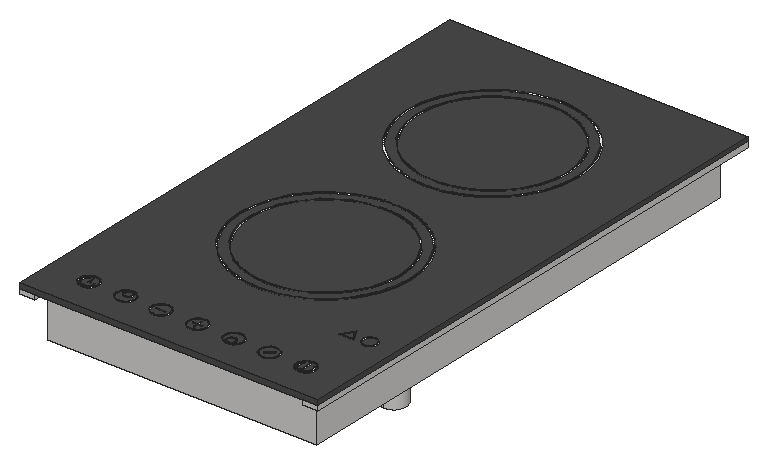
Revit family "QF_Summit_CR2B23T3B_Electric Cooktop", category Specialty Equipment, Revit 2020
Family settings
  Round Connector Dimension = Use Diameter
  Part Type = Normal
  Work Plane-Based = No
  Always vertical = Yes
  Cut with Voids When Loaded = No
  Shared = No
  Room Calculation Point = No
Parameters
  Weight in Pounds = 10
  Watts = Volts * FL Amps  # 3450 W
  Volts = 230 V
  URL Cutsheet = ""
  Specification by User = ""
  Specification by Manufacturer = ""
  Serial Number = ""
  Seismic Rating = ""
  SMACNA No = ""
  Revision Code = ""
  Phase = 1
  Number of Poles = 1
  NAFEM Spec ID Number = ""
  Model = "CR2B23T3B"
  Min Ckt Ampacity = 0 A
  Max Overcurrent Protection = 0 A
  Masterspec = ""
  Manufacturer = "Summit"
  Length = 11 3/8"
  Item Number = ""
  Installed By = ""
  Identify Quantity as Lot = yes
  Height = 2"
  HP = ""
  Furnished By = ""
  Foodservice Equipment Identifier = yes
  FL Amps = 15 A
  Electrical Remarks = ""
  Electric Connection Type = ""
  Elec Conn RI Height = 0"
  Elec Conn Connection Height = 0"
  Description = "Electric Cooktop"
  Depth = 20 1/2"
  Default Elevation = 0"
  Cycle = 60 Hz
  Conn Plug = ""
  Conn Conduit = yes
  CSI MasterFormat = ""
  Apparent Power = if(Phase = 3, Volts * FL Amps * 1.73, Volts * FL Amps)  # 3450 VA
Reference planes (in)
  plane 1 "BACK": y = 0
  plane 2: z = 0
  plane 3 "LEFT": x = 0
  plane 4 "RIGHT": x = 11.375
  plane 5 "FRONT": y = -20.5
  plane 6 "TOP": z = 2
  plane 7 "Center Y": x = 5.6875
  plane 8 "Center X": y = -10.25
  plane 9: z = 1.8125
  plane 10: x = 0.5625
  plane 11: x = 10.8125
  plane 12: y = -19.875
  plane 13: y = -0.625
  plane 14: z = 1.625
Forms (in)
  Extrusion 1, solid, material "QF_Plastic_Black_Smooth"
    sketch origin (-38.39759, -180, 2) x (-1, 0, 0) y (0, -1, 0)
      loop
        line (-38.39759, -180) -> (-38.39759, -159.5) -> (-49.77259, -159.5) -> (-49.77259, -180) -> (-38.39759, -180)
      loop
        circle (-44.08509, -174.93471) r 3.28067
      loop
        circle (-44.08509, -174.93471) r 3.21817
      loop
        circle (-44.08509, -174.93471) r 2.89026
      loop
        circle (-44.08509, -174.93471) r 2.82776
      loop
        circle (-44.08509, -166.96596) r 3.28067
      loop
        circle (-44.08509, -166.96596) r 3.21817
      loop
        circle (-44.08509, -166.96596) r 2.89026
      loop
        circle (-44.08509, -166.96596) r 2.82776
      loop
        circle (-44.08509, -160.86591) r 0.36159
      loop
        circle (-44.08509, -160.86591) r 0.33034
      loop
        circle (-45.47857, -160.86591) r 0.36159
      loop
        circle (-45.47857, -160.86591) r 0.33034
      loop
        circle (-46.82517, -160.86591) r 0.36159
      loop
        circle (-46.82517, -160.86591) r 0.33034
      loop
        circle (-48.22645, -160.86591) r 0.36159
      loop
        circle (-48.22645, -160.86591) r 0.33034
      loop
        circle (-42.69162, -160.86591) r 0.36159
      loop
        circle (-42.69162, -160.86591) r 0.33034
      loop
        circle (-41.34502, -160.86591) r 0.36159
      loop
        circle (-41.34502, -160.86591) r 0.33034
      loop
        circle (-39.94373, -160.86591) r 0.36159
      loop
        circle (-39.94373, -160.86591) r 0.33034
      loop
        circle (-45.47857, -160.73017) r 0.17645
      loop
        circle (-45.47857, -160.73017) r 0.1452
      loop
        circle (-41.34502, -161.00166) r 0.17645
      loop
        circle (-41.34502, -161.00166) r 0.1452
      loop
        arc (-39.81136, -161.11547) -> (-39.75631, -160.65455) -> (-40.20734, -160.76436) r 0.28249
        line (-40.20734, -160.76436) -> (-40.17818, -160.77559)
        arc (-40.17818, -160.77559) -> (-39.77705, -160.67793) -> (-39.826, -161.08787) r 0.25124
        line (-39.826, -161.08787) -> (-39.81136, -161.11547)
      loop
        line (-39.94373, -161.08507) -> (-39.91306, -160.83524) -> (-40.16289, -160.86591) -> (-39.9677, -160.88988) -> (-39.94373, -161.08507)
      loop
        line (-43.90665, -160.88154) -> (-43.90665, -160.85029) -> (-44.06947, -160.85029) -> (-44.06947, -160.68748) -> (-44.10072, -160.68748) -> (-44.10072, -160.85029) -> (-44.26353, -160.85029) -> (-44.26353, -160.88154) -> (-44.10072, -160.88154) -> (-44.10072, -161.04435) -> (-44.06947, -161.04435) -> (-44.06947, -160.88154) -> (-43.90665, -160.88154)
      loop
        line (-42.51318, -160.88154) -> (-42.51318, -160.85029) -> (-42.87006, -160.85029) -> (-42.87006, -160.88154) -> (-42.51318, -160.88154)
      loop
        line (-46.67843, -160.76319) -> (-46.69852, -160.73925) -> (-46.9719, -160.96864) -> (-46.95181, -160.99258) -> (-46.67843, -160.76319)
      loop
        arc (-48.01372, -161.04261) -> (-48.22645, -160.58938) -> (-48.43918, -161.04261) r 0.27654
        line (-48.43918, -161.04261) -> (-48.41514, -161.02264)
        arc (-48.41514, -161.02264) -> (-48.22645, -160.62063) -> (-48.03776, -161.02264) r 0.24529
        line (-48.03776, -161.02264) -> (-48.01372, -161.04261)
      loop
        line (-48.21083, -161.07951) -> (-48.21083, -160.68748) -> (-48.24208, -160.68748) -> (-48.24208, -161.07951) -> (-48.21083, -161.07951)
      loop
        line (-48.02427, -163.51509) -> (-47.73953, -163.03102) -> (-48.30902, -163.03102) -> (-48.02427, -163.51509)
      loop
        line (-47.79416, -163.06227) -> (-48.25438, -163.06227) -> (-48.02427, -163.45345) -> (-47.79416, -163.06227)
      loop
        circle (-48.76646, -163.23739) r 0.2782
      loop
        circle (-48.76646, -163.23739) r 0.24695
    from 0 to -0.1875
  Extrusion 2, solid, material "QF_Plastic_White_Smooth"
    sketch origin (-38.14759, -180, 2) x (-1, 0, 0) y (0, -1, 0)
      loop
        circle (-43.83509, -174.93471) r 3.28067
      loop
        circle (-43.83509, -174.93471) r 3.21817
      loop
        circle (-43.83509, -174.93471) r 2.89026
      loop
        circle (-43.83509, -174.93471) r 2.82776
      loop
        circle (-43.83509, -166.96596) r 3.28067
      loop
        circle (-43.83509, -166.96596) r 3.21817
      loop
        circle (-43.83509, -166.96596) r 2.89026
      loop
        circle (-43.83509, -166.96596) r 2.82776
      loop
        circle (-39.69373, -160.86591) r 0.36159
      loop
        circle (-39.69373, -160.86591) r 0.33034
      loop
        line (-39.95734, -160.76436) -> (-39.92818, -160.77559)
        arc (-39.92818, -160.77559) -> (-39.52705, -160.67793) -> (-39.576, -161.08787) r 0.25124
        line (-39.576, -161.08787) -> (-39.56136, -161.11547)
        arc (-39.56136, -161.11547) -> (-39.50631, -160.65455) -> (-39.95734, -160.76436) r 0.28249
      loop
        line (-39.66306, -160.83524) -> (-39.91289, -160.86591) -> (-39.7177, -160.88988) -> (-39.69373, -161.08507) -> (-39.66306, -160.83524)
      loop
        circle (-41.09502, -160.86591) r 0.36159
      loop
        circle (-41.09502, -160.86591) r 0.33034
      loop
        circle (-41.09502, -161.00166) r 0.17645
      loop
        circle (-41.09502, -161.00166) r 0.1452
      loop
        circle (-42.44162, -160.86591) r 0.36159
      loop
        circle (-42.44162, -160.86591) r 0.33034
      loop
        line (-42.26318, -160.88154) -> (-42.26318, -160.85029) -> (-42.62006, -160.85029) -> (-42.62006, -160.88154) -> (-42.26318, -160.88154)
      loop
        circle (-43.83509, -160.86591) r 0.36159
      loop
        circle (-43.83509, -160.86591) r 0.33034
      loop
        line (-43.65665, -160.88154) -> (-43.65665, -160.85029) -> (-43.81947, -160.85029) -> (-43.81947, -160.68748) -> (-43.85072, -160.68748) -> (-43.85072, -160.85029) -> (-44.01353, -160.85029) -> (-44.01353, -160.88154) -> (-43.85072, -160.88154) -> (-43.85072, -161.04435) -> (-43.81947, -161.04435) -> (-43.81947, -160.88154) -> (-43.65665, -160.88154)
      loop
        circle (-45.22857, -160.86591) r 0.36159
      loop
        circle (-45.22857, -160.86591) r 0.33034
      loop
        circle (-45.22857, -160.73017) r 0.17645
      loop
        circle (-45.22857, -160.73017) r 0.1452
      loop
        circle (-46.57517, -160.86591) r 0.36159
      loop
        circle (-46.57517, -160.86591) r 0.33034
      loop
        line (-46.42843, -160.76319) -> (-46.44852, -160.73925) -> (-46.7219, -160.96864) -> (-46.70181, -160.99258) -> (-46.42843, -160.76319)
      loop
        circle (-47.97645, -160.86591) r 0.36159
      loop
        circle (-47.97645, -160.86591) r 0.33034
      loop
        line (-48.18918, -161.04261) -> (-48.16514, -161.02264)
        arc (-48.16514, -161.02264) -> (-47.97645, -160.62063) -> (-47.78776, -161.02264) r 0.24529
        line (-47.78776, -161.02264) -> (-47.76372, -161.04261)
        arc (-47.76372, -161.04261) -> (-47.97645, -160.58938) -> (-48.18918, -161.04261) r 0.27654
      loop
        line (-47.96083, -160.68748) -> (-47.99208, -160.68748) -> (-47.99208, -161.07951) -> (-47.96083, -161.07951) -> (-47.96083, -160.68748)
      loop
        line (-47.54416, -163.06227) -> (-48.00438, -163.06227) -> (-47.77427, -163.45345) -> (-47.54416, -163.06227)
      loop
        line (-47.77427, -163.51509) -> (-47.48953, -163.03102) -> (-48.05902, -163.03102) -> (-47.77427, -163.51509)
      loop
        circle (-48.51646, -163.23739) r 0.2782
      loop
        circle (-48.51646, -163.23739) r 0.24695
    from 0 to -0.1875
  Extrusion 3, solid, material "QF_Metal_Stainless_Polished"
    sketch origin (-2.73972, -180, 1.8125) x (-1, 0, 0) y (0, -1, 0)
      loop
        line (-3.30222, -159.5) -> (-3.30222, -180) -> (-2.73972, -180) -> (-2.73972, -159.5) -> (-3.30222, -159.5)
      loop
        line (-13.55222, -159.5) -> (-14.11472, -159.5) -> (-14.11472, -180) -> (-13.55222, -180) -> (-13.55222, -159.5)
    from 0 to -0.1875
  Extrusion 4, solid, material "QF_Metal_Stainless_Polished"
    sketch origin (0, 0, 0) x (1, 0, 0) y (0, 1, 0)
      loop
        line (0.5625, -0.625) -> (0.5625, -19.875) -> (10.8125, -19.875) -> (10.8125, -0.625) -> (0.5625, -0.625)
    from 0 to 1.8125
  Extrusion 5, solid, material "QF_Metal_Stainless_Polished"
    sketch origin (0, 0, 0) x (0, 1, 0) y (1, 0, 0)
      loop
        circle (-15.01182, 9.87628) r 0.46561
    from 0 to 1
Lines and regions (in)
  symbolic lines
    curve 1: line (0, 0, 0) -> (0, -20.5, 0)
    curve 2: line (0, -20.5, 0) -> (11.375, -20.5, 0)
    curve 3: line (11.375, -20.5, 0) -> (11.375, 0, 0)
    curve 4: line (11.375, 0, 0) -> (0, 0, 0)
    curve 5: arc (8.96817, -5.06529, 0) -> (5.6875, -1.78463, 0) -> (2.40683, -5.06529, 0) r 3.28067
    curve 6: arc (2.40683, -5.06529, 0) -> (5.6875, -8.34596, 0) -> (8.96817, -5.06529, 0) r 3.28067
    curve 7: arc (2.46933, -5.06529, 0) -> (5.6875, -1.84713, 0) -> (8.90567, -5.06529, 0) r 3.21817
    curve 8: arc (8.90567, -5.06529, 0) -> (5.6875, -8.28346, 0) -> (2.46933, -5.06529, 0) r 3.21817
    curve 9: arc (2.85974, -5.06529, 0) -> (5.6875, -2.23754, 0) -> (8.51526, -5.06529, 0) r 2.82776
    curve 10: arc (8.51526, -5.06529, 0) -> (5.6875, -7.89305, 0) -> (2.85974, -5.06529, 0) r 2.82776
    curve 11: arc (8.57776, -5.06529, 0) -> (5.6875, -2.17504, 0) -> (2.79724, -5.06529, 0) r 2.89026
    curve 12: arc (2.79724, -5.06529, 0) -> (5.6875, -7.95555, 0) -> (8.57776, -5.06529, 0) r 2.89026
    curve 13: arc (8.96817, -13.03404, 0) -> (5.6875, -9.75338, 0) -> (2.40683, -13.03404, 0) r 3.28067
    curve 14: arc (2.40683, -13.03404, 0) -> (5.6875, -16.31471, 0) -> (8.96817, -13.03404, 0) r 3.28067
    curve 15: arc (8.90567, -13.03404, 0) -> (5.6875, -9.81588, 0) -> (2.46933, -13.03404, 0) r 3.21817
    curve 16: arc (2.46933, -13.03404, 0) -> (5.6875, -16.25221, 0) -> (8.90567, -13.03404, 0) r 3.21817
    curve 17: arc (8.57776, -13.03404, 0) -> (5.6875, -10.14379, 0) -> (2.79724, -13.03404, 0) r 2.89026
    curve 18: arc (2.79724, -13.03404, 0) -> (5.6875, -15.9243, 0) -> (8.57776, -13.03404, 0) r 2.89026
    curve 19: arc (2.85974, -13.03404, 0) -> (5.6875, -10.20629, 0) -> (8.51526, -13.03404, 0) r 2.82776
    curve 20: arc (8.51526, -13.03404, 0) -> (5.6875, -15.8618, 0) -> (2.85974, -13.03404, 0) r 2.82776
    curve 21: arc (1.90773, -19.13409, 0) -> (1.54614, -18.7725, 0) -> (1.18455, -19.13409, 0) r 0.36159
    curve 22: arc (1.18455, -19.13409, 0) -> (1.54614, -19.49567, 0) -> (1.90773, -19.13409, 0) r 0.36159
    curve 23: arc (1.2158, -19.13409, 0) -> (1.54614, -18.80375, 0) -> (1.87648, -19.13409, 0) r 0.33034
    curve 24: arc (1.87648, -19.13409, 0) -> (1.54614, -19.46442, 0) -> (1.2158, -19.13409, 0) r 0.33034
    curve 25: arc (1.41377, -18.88453, 0) -> (1.35872, -19.34545, 0) -> (1.80975, -19.23564, 0) r 0.28249
    curve 26: line (1.80975, -19.23564, 0) -> (1.78059, -19.22441, 0)
    curve 27: arc (1.78059, -19.22441, 0) -> (1.37945, -19.32207, 0) -> (1.42841, -18.91213, 0) r 0.25124
    curve 28: line (1.42841, -18.91213, 0) -> (1.41377, -18.88453, 0)
    curve 29: line (1.54614, -18.91493, 0) -> (1.51546, -19.16476, 0)
    curve 30: line (1.51546, -19.16476, 0) -> (1.7653, -19.13409, 0)
    curve 31: line (1.7653, -19.13409, 0) -> (1.57011, -19.11012, 0)
    curve 32: line (1.57011, -19.11012, 0) -> (1.54614, -18.91493, 0)
    curve 33: arc (3.30902, -19.13409, 0) -> (2.94743, -18.7725, 0) -> (2.58584, -19.13409, 0) r 0.36159
    curve 34: arc (2.58584, -19.13409, 0) -> (2.94743, -19.49567, 0) -> (3.30902, -19.13409, 0) r 0.36159
    curve 35: arc (2.61709, -19.13409, 0) -> (2.94743, -18.80375, 0) -> (3.27777, -19.13409, 0) r 0.33034
    curve 36: arc (3.27777, -19.13409, 0) -> (2.94743, -19.46442, 0) -> (2.61709, -19.13409, 0) r 0.33034
    curve 37: arc (3.12387, -18.99834, 0) -> (2.94743, -18.82189, 0) -> (2.77098, -18.99834, 0) r 0.17645
    curve 38: arc (2.77098, -18.99834, 0) -> (2.94743, -19.17478, 0) -> (3.12387, -18.99834, 0) r 0.17645
    curve 39: arc (2.80223, -18.99834, 0) -> (2.94743, -18.85314, 0) -> (3.09262, -18.99834, 0) r 0.1452
    curve 40: arc (3.09262, -18.99834, 0) -> (2.94743, -19.14353, 0) -> (2.80223, -18.99834, 0) r 0.1452
    curve 41: arc (3.96369, -19.13409, 0) -> (4.29403, -18.80375, 0) -> (4.62437, -19.13409, 0) r 0.33034
    curve 42: arc (4.62437, -19.13409, 0) -> (4.29403, -19.46442, 0) -> (3.96369, -19.13409, 0) r 0.33034
    curve 43: arc (4.65562, -19.13409, 0) -> (4.29403, -18.7725, 0) -> (3.93244, -19.13409, 0) r 0.36159
    curve 44: arc (3.93244, -19.13409, 0) -> (4.29403, -19.49567, 0) -> (4.65562, -19.13409, 0) r 0.36159
    curve 45: line (4.47247, -19.11846, 0) -> (4.11559, -19.11846, 0)
    curve 46: line (4.11559, -19.11846, 0) -> (4.11559, -19.14971, 0)
    curve 47: line (4.11559, -19.14971, 0) -> (4.47247, -19.14971, 0)
    curve 48: line (4.47247, -19.14971, 0) -> (4.47247, -19.11846, 0)
    curve 49: arc (6.04909, -19.13409, 0) -> (5.6875, -18.7725, 0) -> (5.32591, -19.13409, 0) r 0.36159
    curve 50: arc (5.32591, -19.13409, 0) -> (5.6875, -19.49567, 0) -> (6.04909, -19.13409, 0) r 0.36159
    curve 51: arc (5.35716, -19.13409, 0) -> (5.6875, -18.80375, 0) -> (6.01784, -19.13409, 0) r 0.33034
    curve 52: arc (6.01784, -19.13409, 0) -> (5.6875, -19.46442, 0) -> (5.35716, -19.13409, 0) r 0.33034
    curve 53: line (5.67187, -19.11846, 0) -> (5.50906, -19.11846, 0)
    curve 54: line (5.50906, -19.11846, 0) -> (5.50906, -19.14971, 0)
    curve 55: line (5.50906, -19.14971, 0) -> (5.67187, -19.14971, 0)
    curve 56: line (5.67187, -19.14971, 0) -> (5.67187, -19.31252, 0)
    curve 57: line (5.67187, -19.31252, 0) -> (5.70312, -19.31252, 0)
    curve 58: line (5.70312, -19.31252, 0) -> (5.70312, -19.14971, 0)
    curve 59: line (5.70312, -19.14971, 0) -> (5.86594, -19.14971, 0)
    curve 60: line (5.86594, -19.14971, 0) -> (5.86594, -19.11846, 0)
    curve 61: line (5.86594, -19.11846, 0) -> (5.70312, -19.11846, 0)
    curve 62: line (5.70312, -19.11846, 0) -> (5.70312, -18.95565, 0)
    curve 63: line (5.70312, -18.95565, 0) -> (5.67187, -18.95565, 0)
    curve 64: line (5.67187, -18.95565, 0) -> (5.67187, -19.11846, 0)
    curve 65: arc (7.25742, -19.26983, 0) -> (7.08097, -19.09339, 0) -> (6.90453, -19.26983, 0) r 0.17645
    curve 66: arc (6.90453, -19.26983, 0) -> (7.08097, -19.44628, 0) -> (7.25742, -19.26983, 0) r 0.17645
    curve 67: arc (6.93578, -19.26983, 0) -> (7.08097, -19.12464, 0) -> (7.22617, -19.26983, 0) r 0.1452
    curve 68: arc (7.22617, -19.26983, 0) -> (7.08097, -19.41503, 0) -> (6.93578, -19.26983, 0) r 0.1452
    curve 69: arc (6.75063, -19.13409, 0) -> (7.08097, -18.80375, 0) -> (7.41131, -19.13409, 0) r 0.33034
    curve 70: arc (7.41131, -19.13409, 0) -> (7.08097, -19.46442, 0) -> (6.75063, -19.13409, 0) r 0.33034
    curve 71: arc (7.44256, -19.13409, 0) -> (7.08097, -18.7725, 0) -> (6.71938, -19.13409, 0) r 0.36159
    curve 72: arc (6.71938, -19.13409, 0) -> (7.08097, -19.49567, 0) -> (7.44256, -19.13409, 0) r 0.36159
    curve 73: arc (8.09723, -19.13409, 0) -> (8.42757, -18.80375, 0) -> (8.75791, -19.13409, 0) r 0.33034
    curve 74: arc (8.75791, -19.13409, 0) -> (8.42757, -19.46442, 0) -> (8.09723, -19.13409, 0) r 0.33034
    curve 75: arc (8.78916, -19.13409, 0) -> (8.42757, -18.7725, 0) -> (8.06598, -19.13409, 0) r 0.36159
    curve 76: arc (8.06598, -19.13409, 0) -> (8.42757, -19.49567, 0) -> (8.78916, -19.13409, 0) r 0.36159
    curve 77: line (8.55422, -19.00742, 0) -> (8.28084, -19.23681, 0)
    curve 78: line (8.28084, -19.23681, 0) -> (8.30092, -19.26075, 0)
    curve 79: line (8.30092, -19.26075, 0) -> (8.57431, -19.03136, 0)
    curve 80: line (8.57431, -19.03136, 0) -> (8.55422, -19.00742, 0)
    curve 81: arc (10.19045, -19.13409, 0) -> (9.82886, -18.7725, 0) -> (9.46727, -19.13409, 0) r 0.36159
    curve 82: arc (9.46727, -19.13409, 0) -> (9.82886, -19.49567, 0) -> (10.19045, -19.13409, 0) r 0.36159
    curve 83: arc (9.49852, -19.13409, 0) -> (9.82886, -18.80375, 0) -> (10.1592, -19.13409, 0) r 0.33034
    curve 84: arc (10.1592, -19.13409, 0) -> (9.82886, -19.46442, 0) -> (9.49852, -19.13409, 0) r 0.33034
    curve 85: arc (9.64017, -18.97736, 0) -> (9.82886, -19.37937, 0) -> (10.01755, -18.97736, 0) r 0.24529
    curve 86: line (10.01755, -18.97736, 0) -> (10.04159, -18.95739, 0)
    curve 87: arc (10.04159, -18.95739, 0) -> (9.82886, -19.41062, 0) -> (9.61613, -18.95739, 0) r 0.27654
    curve 88: line (9.61613, -18.95739, 0) -> (9.64017, -18.97736, 0)
    curve 89: line (9.81323, -18.92049, 0) -> (9.81323, -19.31252, 0)
    curve 90: line (9.81323, -19.31252, 0) -> (9.84448, -19.31252, 0)
    curve 91: line (9.84448, -19.31252, 0) -> (9.84448, -18.92049, 0)
    curve 92: line (9.84448, -18.92049, 0) -> (9.81323, -18.92049, 0)
    curve 93: line (9.62668, -16.48491, 0) -> (9.34193, -16.96898, 0)
    curve 94: line (9.34193, -16.96898, 0) -> (9.91143, -16.96898, 0)
    curve 95: line (9.91143, -16.96898, 0) -> (9.62668, -16.48491, 0)
    curve 96: line (9.62668, -16.54655, 0) -> (9.39657, -16.93773, 0)
    curve 97: line (9.39657, -16.93773, 0) -> (9.85679, -16.93773, 0)
    curve 98: line (9.85679, -16.93773, 0) -> (9.62668, -16.54655, 0)
    curve 99: arc (10.64706, -16.76261, 0) -> (10.36887, -16.48442, 0) -> (10.09067, -16.76261, 0) r 0.2782
    curve 100: arc (10.09067, -16.76261, 0) -> (10.36887, -17.04081, 0) -> (10.64706, -16.76261, 0) r 0.2782
    curve 101: arc (10.12192, -16.76261, 0) -> (10.36887, -16.51567, 0) -> (10.61581, -16.76261, 0) r 0.24695
    curve 102: arc (10.61581, -16.76261, 0) -> (10.36887, -17.00956, 0) -> (10.12192, -16.76261, 0) r 0.24695
Dimensions and locks (in)
  equal spacing: plane 3 "LEFT", plane 7 "Center Y", plane 4 "RIGHT"
  "Length": plane 3 "LEFT" to plane 4 "RIGHT"
  equal spacing: plane 5 "FRONT", plane 8 "Center X", plane 1 "BACK"
  "Depth": plane 5 "FRONT" to plane 1 "BACK"
  "Height": plane 6 "TOP" to level
  plane 3 "LEFT" to plane 4 "RIGHT" = 11 3/8"
  plane 10 to plane 11 = 10 1/4"
  plane 12 to plane 5 "FRONT" = 5/8"
  plane 12 to plane 13 = 19 1/4"
  plane 13 to plane 1 "BACK" = 5/8"
  plane 6 "TOP" to plane 9 = 3/16"
  plane 9 to plane 14 = 3/16"
  plane 6 "TOP" to Extrusion 5 = 3"
  aligned and locked: level to plane 2
Automatic sketch dimensions
  Extrusion 1 sketch curve to Extrusion 1 sketch curve = 0"  (x44)
  plane 1 "BACK" to Extrusion 1 sketch curve = 0"
  Extrusion 1 sketch curve to plane 4 "RIGHT" = 0"
  Extrusion 1 sketch curve to plane 7 "Center Y" = 0"  (x3)
  Extrusion 1 sketch curve to plane 3 "LEFT" = 0"
  plane 5 "FRONT" to Extrusion 1 sketch curve = 0"
  Extrusion 1 sketch curve to plane 11 = 0.77091"
  Extrusion 1 sketch curve to Extrusion 1 sketch curve = 0.02404"  (x2)
  Extrusion 1 sketch curve to Extrusion 1 sketch curve = 0.17307"  (x2)
  Extrusion 1 sketch curve to Extrusion 1 sketch curve = 1/32"  (x4)
  plane 12 to Extrusion 1 sketch curve = 0.84364"
  Extrusion 1 sketch curve to Extrusion 1 sketch curve = 1.04182"
  plane 12 to Extrusion 1 sketch curve = 0.86758"
  Extrusion 1 sketch curve to Extrusion 1 sketch curve = 0.02009"
  Extrusion 1 sketch curve to Extrusion 1 sketch curve = 0.12665"
  plane 12 to Extrusion 1 sketch curve = 0.61425"
  Extrusion 1 sketch curve to Extrusion 1 sketch curve = 1.19986"
  plane 7 "Center Y" to Extrusion 1 sketch curve = 0.17844"
  plane 7 "Center Y" to Extrusion 1 sketch curve = 1/64"  (x2)
  Extrusion 1 sketch curve to plane 7 "Center Y" = 1/64"  (x2)
  Extrusion 1 sketch curve to Extrusion 1 sketch curve = 0.16281"  (x3)
  Extrusion 1 sketch curve to Extrusion 1 sketch curve = 1.03659"
  Extrusion 1 sketch curve to Extrusion 1 sketch curve = 0.17844"  (x3)
  Extrusion 1 sketch curve to Extrusion 1 sketch curve = 1.16816"
  Extrusion 1 sketch curve to Extrusion 1 sketch curve = 1.13768"
  Extrusion 1 sketch curve to Extrusion 1 sketch curve = 0.02916"
  Extrusion 1 sketch curve to Extrusion 1 sketch curve = 0.01529"
  Extrusion 1 sketch curve to Extrusion 1 sketch curve = 0.19519"  (x2)
  Extrusion 1 sketch curve to Extrusion 1 sketch curve = 0.02397"  (x3)
  Extrusion 1 sketch curve to Extrusion 1 sketch curve = 0.03068"  (x2)
  Extrusion 1 sketch curve to Extrusion 1 sketch curve = 0.11773"
  Extrusion 1 sketch curve to Extrusion 1 sketch curve = 0.01464"
  plane 13 to Extrusion 1 sketch curve = 4.44029"
  Extrusion 1 sketch curve to plane 8 "Center X" = 2.78404"
  plane 12 to Extrusion 1 sketch curve = 0.99047"
  Extrusion 1 sketch curve to Extrusion 1 sketch curve = 0.02761"
  Extrusion 1 sketch curve to Extrusion 1 sketch curve = 0.00279"
  plane 12 to Extrusion 1 sketch curve = 0.91935"
  plane 12 to Extrusion 1 sketch curve = 0.95451"
  Extrusion 1 sketch curve to Extrusion 1 sketch curve = 0.03691"
  Extrusion 1 sketch curve to Extrusion 1 sketch curve = 0.01997"
  plane 12 to Extrusion 1 sketch curve = 0.87666"
  plane 12 to Extrusion 1 sketch curve = 0.75654"
  Extrusion 1 sketch curve to Extrusion 1 sketch curve = 0.13575"  (x2)
  Extrusion 1 sketch curve to Extrusion 1 sketch curve = 0.09032"
  Extrusion 1 sketch curve to Extrusion 1 sketch curve = 0.2136"
  Extrusion 1 sketch curve to Extrusion 1 sketch curve = 1/64"  (x5)
  plane 12 to Extrusion 1 sketch curve = 0.74091"
  Extrusion 1 sketch curve to Extrusion 1 sketch curve = 0.10273"
  Extrusion 3 sketch curve to plane 4 "RIGHT" = 0"
  plane 1 "BACK" to Extrusion 3 sketch curve = 0"  (x2)
  Extrusion 3 sketch curve to plane 11 = 0"
  Extrusion 3 sketch curve to plane 10 = 0"
  Extrusion 3 sketch curve to plane 3 "LEFT" = 0"
  plane 5 "FRONT" to Extrusion 3 sketch curve = 0"  (x2)
  Extrusion 4 sketch curve to plane 10 = 0"
  Extrusion 4 sketch curve to plane 11 = 0"
  Extrusion 4 sketch curve to plane 12 = 0"
  plane 13 to Extrusion 4 sketch curve = 0"
  Extrusion 2 sketch curve to Extrusion 2 sketch curve = 0"  (x44)
  Extrusion 2 sketch curve to plane 7 "Center Y" = 0"  (x3)
  plane 7 "Center Y" to Extrusion 2 sketch curve = 1/64"  (x2)
  Extrusion 2 sketch curve to Extrusion 2 sketch curve = 0.16281"  (x4)
  Extrusion 2 sketch curve to Extrusion 2 sketch curve = 1.21503"
  plane 12 to Extrusion 2 sketch curve = 0.63819"
  Extrusion 2 sketch curve to Extrusion 2 sketch curve = 1.19986"
  plane 12 to Extrusion 2 sketch curve = 0.61425"
  Extrusion 2 sketch curve to Extrusion 2 sketch curve = 0.02009"
  Extrusion 2 sketch curve to Extrusion 2 sketch curve = 0.14674"
  plane 12 to Extrusion 2 sketch curve = 0.86758"
  Extrusion 2 sketch curve to plane 11 = 1.47057"
  Extrusion 2 sketch curve to Extrusion 2 sketch curve = 0.05464"  (x2)
  Extrusion 2 sketch curve to Extrusion 2 sketch curve = 1.04182"
  Extrusion 2 sketch curve to Extrusion 2 sketch curve = 0.23011"  (x2)
  Extrusion 2 sketch curve to Extrusion 2 sketch curve = 0.02404"  (x2)
  Extrusion 2 sketch curve to Extrusion 2 sketch curve = 0.17307"  (x2)
  Extrusion 2 sketch curve to Extrusion 2 sketch curve = 1/64"  (x5)
  Extrusion 2 sketch curve to Extrusion 2 sketch curve = 1/32"  (x12)
  Extrusion 2 sketch curve to plane 11 = 0.44363"
  Extrusion 2 sketch curve to plane 7 "Center Y" = 1/64"  (x2)
  Extrusion 2 sketch curve to Extrusion 2 sketch curve = 1.03659"
  Extrusion 2 sketch curve to Extrusion 2 sketch curve = 0.17844"  (x3)
  Extrusion 2 sketch curve to Extrusion 2 sketch curve = 1.16816"
  Extrusion 2 sketch curve to Extrusion 2 sketch curve = 1.13768"
  plane 12 to Extrusion 2 sketch curve = 0.65059"
  Extrusion 2 sketch curve to Extrusion 2 sketch curve = 0.02916"
  Extrusion 2 sketch curve to Extrusion 2 sketch curve = 0.01529"
  Extrusion 2 sketch curve to Extrusion 2 sketch curve = 0.19519"
  Extrusion 2 sketch curve to Extrusion 2 sketch curve = 0.02397"  (x3)
  Extrusion 2 sketch curve to Extrusion 2 sketch curve = 0.03068"  (x2)
  Extrusion 2 sketch curve to Extrusion 2 sketch curve = 0.11773"
  Extrusion 2 sketch curve to Extrusion 2 sketch curve = 0.01464"
  plane 12 to Extrusion 2 sketch curve = 0.87666"
  plane 12 to Extrusion 2 sketch curve = 0.89764"
  Extrusion 2 sketch curve to Extrusion 2 sketch curve = 0.01997"
  plane 12 to Extrusion 2 sketch curve = 0.91935"
  Extrusion 2 sketch curve to Extrusion 2 sketch curve = 0.05687"
  Extrusion 2 sketch curve to Extrusion 2 sketch curve = 0.30948"
  Extrusion 2 sketch curve to Extrusion 2 sketch curve = 0.00279"
  Extrusion 2 sketch curve to Extrusion 2 sketch curve = 0.02761"
  Extrusion 2 sketch curve to Extrusion 2 sketch curve = 1.95151"
  Extrusion 2 sketch curve to Extrusion 2 sketch curve = 0.20637"
  Extrusion 2 sketch curve to Extrusion 2 sketch curve = 0.39119"
  Extrusion 2 sketch curve to Extrusion 2 sketch curve = 0.06163"
  Extrusion 2 sketch curve to plane 8 "Center X" = 2.78404"
  plane 13 to Extrusion 2 sketch curve = 4.44029"
  plane 12 to Extrusion 2 sketch curve = 0.75654"
  Extrusion 2 sketch curve to Extrusion 2 sketch curve = 0.13575"  (x2)
  Extrusion 2 sketch curve to Extrusion 2 sketch curve = 0.09032"
  Extrusion 2 sketch curve to Extrusion 2 sketch curve = 0.2136"
  plane 12 to Extrusion 2 sketch curve = 0.74091"
  Extrusion 2 sketch curve to Extrusion 2 sketch curve = 0.10273"
  Extrusion 2 sketch curve to Extrusion 2 sketch curve = 0.1519"
  Extrusion 2 sketch curve to Extrusion 2 sketch curve = 0.36159"  (x2)
  Extrusion 2 sketch curve to Extrusion 2 sketch curve = 0.17645"  (x2)
  Extrusion 2 sketch curve to Extrusion 2 sketch curve = 55/256"
  Extrusion 2 sketch curve to plane 11 = 2.29724"  (x2)
  Extrusion 2 sketch curve to Extrusion 2 sketch curve = 1/16"  (x4)
  Extrusion 2 sketch curve to Extrusion 2 sketch curve = 0.32791"  (x2)
  Extrusion 2 sketch curve to Extrusion 2 sketch curve = 0.14886"
  Extrusion 2 sketch curve to Extrusion 2 sketch curve = 0.18315"
  Extrusion 2 sketch curve to Extrusion 2 sketch curve = 0.09798"
  Extrusion 1 sketch curve to plane 11 = 0.90107"
  Extrusion 1 sketch curve to Extrusion 1 sketch curve = 0.28475"  (x2)
  Extrusion 1 sketch curve to Extrusion 1 sketch curve = 2.43558"
  Extrusion 1 sketch curve to Extrusion 1 sketch curve = 0.48407"
  Extrusion 1 sketch curve to Extrusion 1 sketch curve = 0.05464"  (x2)
  Extrusion 1 sketch curve to Extrusion 1 sketch curve = 0.06163"
  Extrusion 1 sketch curve to plane 11 = 0.44363"
  Extrusion 1 sketch curve to Extrusion 1 sketch curve = 0.20637"
  Extrusion 1 sketch curve to plane 11 = 0.16544"
  Extrusion 4 to Extrusion 5 sketch curve = 0.93622"
  Extrusion 4 to Extrusion 5 sketch curve = 4.86318"
  curve 1 to plane 3 "LEFT" = 0"
  plane 1 "BACK" to curve 3 = 0"
  curve 3 to plane 4 "RIGHT" = 0"
  plane 5 "FRONT" to curve 1 = 0"
  curve 6 to plane 10 = 1.84433"
  curve 6 to plane 7 "Center Y" = 0"
  plane 13 to curve 6 = 4.44029"
  curve 5 to curve 7 = 0"  (x2)
  curve 5 to curve 8 = 1/16"
  curve 5 to curve 9 = 0"  (x2)
  curve 7 to curve 9 = 0.39041"
  curve 5 to curve 11 = 0"  (x2)
  curve 11 to curve 9 = 1/16"
  curve 14 to plane 7 "Center Y" = 0"
  curve 14 to plane 8 "Center X" = 2.78404"
  curve 13 to plane 10 = 1.84433"
  curve 13 to curve 15 = 0"  (x2)
  curve 13 to curve 16 = 1/16"
  curve 13 to curve 17 = 0"  (x2)
  curve 15 to curve 17 = 0.32791"
  curve 13 to curve 19 = 0"  (x2)
  curve 17 to curve 20 = 1/16"
  curve 22 to plane 10 = 0.98364"
  plane 12 to curve 22 = 0.74091"
  curve 21 to curve 21 = 0.36159"
  curve 21 to curve 23 = 0"  (x2)
  curve 21 to curve 24 = 1/32"
  curve 21 to curve 25 = 0"  (x2)
  curve 21 to curve 27 = 0"  (x2)
  curve 28 to curve 21 = 0.13237"
  curve 25 to curve 28 = 0.01464"
  curve 26 to curve 24 = 0.09589"
  plane 12 to curve 26 = 0.63936"
  curve 27 to curve 26 = 0.02916"
  curve 25 to curve 26 = 0.01123"
  curve 30 to curve 25 = 0.03068"
  curve 27 to curve 29 = 0.11773"
  curve 21 to curve 32 = 0.02397"
  curve 30 to curve 27 = 0.01529"
  curve 29 to curve 25 = 0.03068"
  curve 27 to curve 30 = 0.09032"
  curve 21 to curve 31 = 0.02397"
  curve 29 to curve 27 = 0.00279"
  curve 21 to curve 33 = 1.0397"
  plane 12 to curve 33 = 0.74091"
  curve 34 to curve 33 = 0.36159"
  curve 33 to curve 35 = 0"  (x2)
  curve 33 to curve 35 = 1/32"
  curve 38 to curve 33 = 0"
  curve 33 to curve 38 = 0.13575"
  curve 37 to curve 37 = 0.17645"
  curve 37 to curve 39 = 0"  (x2)
  curve 37 to curve 39 = 1/32"
  curve 33 to curve 42 = 0.98501"
  plane 12 to curve 41 = 0.74091"
  curve 41 to curve 41 = 0.33034"
  curve 41 to curve 43 = 0"  (x2)
  curve 43 to curve 41 = 1/32"
  curve 42 to curve 47 = 0.1519"
  curve 45 to curve 41 = 0.1519"
  curve 46 to curve 42 = 1/64"
  curve 46 to curve 45 = 1/32"
  curve 49 to plane 7 "Center Y" = 0"
  plane 12 to curve 49 = 0.74091"
  curve 50 to curve 49 = 0.36159"
  curve 49 to curve 51 = 0"  (x2)
  curve 49 to curve 52 = 1/32"
  curve 52 to curve 54 = 0.1519"
  curve 56 to plane 7 "Center Y" = 1/64"
  curve 63 to plane 7 "Center Y" = 1/64"
  plane 7 "Center Y" to curve 62 = 1/64"
  plane 7 "Center Y" to curve 57 = 1/64"
  curve 61 to curve 51 = 0.1519"
  curve 58 to curve 49 = 0.17844"
  curve 59 to curve 52 = 1/64"
  curve 56 to curve 49 = 1/64"
  curve 49 to curve 53 = 1/64"
  curve 49 to curve 62 = 1/64"
  curve 53 to curve 64 = 0.16281"
  curve 49 to curve 66 = 1.03188"
  plane 12 to curve 65 = 0.60517"
  curve 66 to curve 65 = 0.17645"
  curve 65 to curve 67 = 0"  (x2)
  curve 65 to curve 67 = 1/32"
  curve 69 to curve 65 = 0"
  curve 65 to curve 69 = 0.13575"
  curve 69 to curve 65 = 0.15389"
  curve 69 to curve 71 = 0"  (x2)
  curve 72 to curve 69 = 1/32"
  curve 71 to curve 73 = 0.98501"
  plane 12 to curve 73 = 0.74091"
  curve 74 to curve 73 = 0.33034"
  curve 73 to curve 75 = 0"  (x2)
  curve 76 to curve 73 = 1/32"
  plane 12 to curve 77 = 0.63819"
  curve 77 to curve 73 = 0.14674"
  plane 12 to curve 78 = 0.61425"
  curve 77 to curve 78 = 0.02009"
  plane 12 to curve 77 = 0.86758"
  curve 82 to plane 11 = 0.98364"
  plane 12 to curve 82 = 0.74091"
  curve 81 to curve 81 = 0.36159"
  curve 81 to curve 83 = 0"  (x2)
  curve 81 to curve 83 = 1/32"
  curve 81 to curve 85 = 0"  (x2)
  curve 81 to curve 87 = 0"  (x2)
  curve 83 to curve 88 = 0.11761"
  curve 87 to curve 88 = 0.02404"
  curve 86 to curve 83 = 0.14165"
  curve 86 to curve 86 = 0.02404"
  curve 83 to curve 86 = 0.15672"
  curve 85 to curve 88 = 0.01997"
  curve 90 to curve 85 = 1/64"
  curve 89 to curve 90 = 1/32"
  curve 91 to curve 85 = 0.17844"
  curve 86 to curve 91 = 0.05687"
  curve 93 to plane 11 = 1.47057"
  curve 94 to curve 93 = 0.28475"
  curve 93 to curve 94 = 0.28475"
  curve 88 to curve 93 = 1.98841"
  curve 94 to curve 95 = 0.48407"
  curve 93 to curve 97 = 0.05464"
  curve 98 to curve 93 = 0"
  curve 97 to curve 94 = 0.05464"
  curve 93 to curve 96 = 1/32"
  curve 98 to curve 93 = 0.06163"
  curve 99 to plane 11 = 0.44363"
  curve 94 to curve 100 = 0.20637"
  curve 94 to curve 100 = 0.17924"
  curve 99 to curve 101 = 0"  (x2)
  curve 99 to curve 102 = 1/32"
  radius of Extrusion 1 sketch curve = 3.28067"  (x2)
  radius of Extrusion 1 sketch curve = 3.21817"  (x2)
  radius of Extrusion 1 sketch curve = 2.89026"  (x2)
  radius of Extrusion 1 sketch curve = 2.82776"  (x2)
  radius of Extrusion 1 sketch curve = 0.36159"  (x7)
  radius of Extrusion 1 sketch curve = 0.33034"  (x7)
  radius of Extrusion 1 sketch curve = 0.17645"  (x2)
  radius of Extrusion 1 sketch curve = 0.1452"  (x2)
  radius of Extrusion 2 sketch curve = 0.2782"
  radius of Extrusion 2 sketch curve = 0.24695"
  radius of Extrusion 5 sketch curve = 0.46561"
Connectors (in)
  electrical at (9.87628, -15.01182, -1), driven by "Volts", driven by "Watts"
    settings: on Extrusion 5, index 1, voltage 230 V, apparent load 3450 VA, apparent load phase1 0 VA, apparent load phase2 0 VA, apparent load phase3 0 VA, power factor 1, load classification "Other", number of poles 1, system type 30, power factor state 1, is connector primary yes, connector utility no, sub classification motor no, connector description "Electrical Connection"
